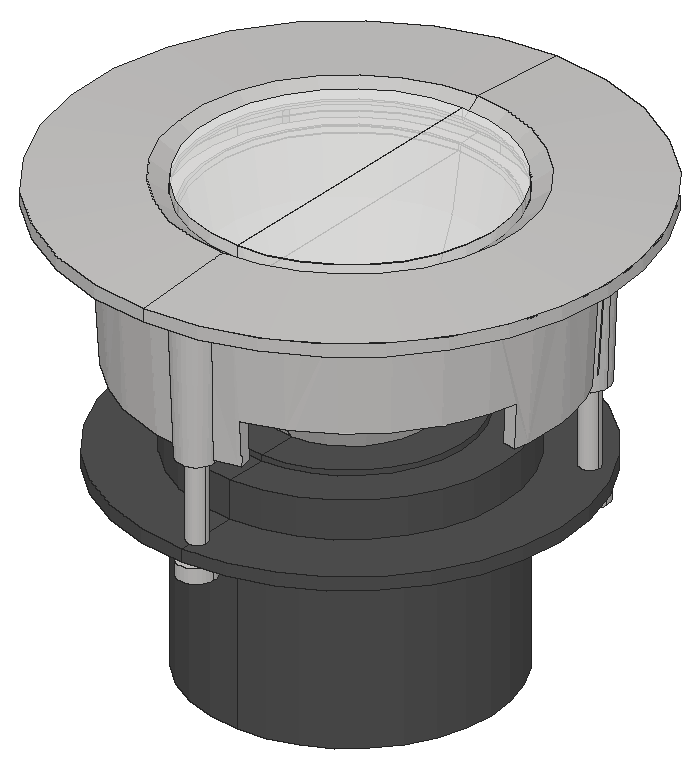
Revit family "Lighting-Luminii-Latona_1-Wet", category Lighting Fixtures, host Face, Revit 2024
Family settings
  Host = Face
  Round Connector Dimension = Use Diameter
  Part Type = Normal
  OmniClass Number = 23.80.70.11.14.11
  OmniClass Title = Downlights
  Cut with Voids When Loaded = No
  Light Source = Yes
  Maintain Annotation Orientation = No
  Shared = Yes
  Room Calculation Point = No
Parameters (values of type "Latona 1")
  Width = 3 51/128"  # constant formula
  Wattage Comments = "6.5W"
  Wattage = 6.49954 W
  Warranty URL = "https://www.luminii.com/terms-conditions/"
  built-in parameter 1150110 = 1 (stored number, unit not read)
  Voltage Comments = "120V | 277V | 347V"  # constant formula
  Voltage = 120 V
  Version = "2020 - v1.0a"  # constant formula
  URL = "https://www.luminii.com/"
  built-in parameter 1114217 = 1 (stored number, unit not read)
  Tilt Angle = -90.00°  # constant formula
  built-in parameter 1150109 = 1 (stored number, unit not read)
  built-in parameter 1150134 = (empty or 0)
  built-in parameter 1150113 = 1 (stored number, unit not read)
  Support Phone = "224-699-9545"  # constant formula
  Support Email = "mailto:support@bimsmith.com"
  Product Page URL = "Consult Manufacturer Website for more Information"
  Power Source Type = "Driver"  # constant formula
  Power Factor = 1
  Photometric Web File = "515-A90-660-35-07-00.ies"
  Phase = 1
  Operating Temperature = "Consult Manufacturer Website for more Information"  # constant formula
  Number of Poles = if(and(or(Voltage = 120 V, Voltage = 277 V), Phase = 1), 1, if(and(or(Voltage = 208 V, Voltage = 240 V), Phase = 1), 2, if(and(or(Voltage = 208 V, Voltage = 240 V), Phase = 3), 3, if(and(Voltage > 300 V, Phase = 1), 2, if(and(Voltage > 400 V, Phase = 3), 3, 1)))))  # 1
  Mounting Method = "Recessed Mount"  # constant formula
  Model = "510"  # constant formula
  Manufacturer Phone Number = "403-216-7043"  # constant formula
  Manufacturer Email = "mailto: info@sensolighting.com"
  Manufacturer Address = "302 50 Ave SE. Calgary, Alberta, T2G 2A9 Canada"  # constant formula
  Manufacturer = "Luminii"  # constant formula
  built-in parameter 1150105 = 55.704 (stored number, unit not read)
  Lumens = 700 lm
  Luminaire Type = "Recessed LED Downlight"  # constant formula
  built-in parameter 1150115 = 1 (stored number, unit not read)
  Load Classification = Lighting
  built-in parameter 1150137 = (empty or 0)
  built-in parameter 1150139 = (empty or 0)
  Lens Material = Plastic - Luminii - Frosted Lens
  built-in parameter 1150112 = 1 (stored number, unit not read)
  built-in parameter 1150114 = 1 (stored number, unit not read)
  Lamp Life = 1
  Lamp = "LED"  # constant formula
  Keynote = "26 51 00"
  built-in parameter 1150132 = 2
  built-in parameter 1150102 = (empty or 0)
  built-in parameter 1150107 = 3500 (stored number, unit not read)
  Initial Color Comments = "Perfomance based on 3500K Photometric Web File"  # constant formula
  built-in parameter 1150138 = (empty or 0)
  built-in parameter 1150106 = 0.55704 (stored number, unit not read)
  Housing Protection Rating = "Consult Manufacturer Website for more Information"  # constant formula
  Height = 2 25/32"  # constant formula
  Has Dimming = 1 = 1  # yes
  Has Battery Backup = 0 = 1  # no
  Frequency Comments = ""  # constant formula
  Frequency = 60 Hz
  Finish = Metal - Luminii - Silver Anodized Aluminum
  Environment = "Indoor"  # constant formula
  built-in parameter 1150104 = 10.006 (stored number, unit not read)
  Dimming Type = "Consult Manufacturer Website for more Information"  # constant formula
  Dimming Lamp Color Temperature Shift = <None>
  Description = "Recessed LED Downlight"  # constant formula
  Depth = 3 51/128"  # constant formula
  Default Elevation = 0"  # constant formula
  Current Amps = 50 A
  Copyright = "©2024 Luminii"  # constant formula
  Control Zone = "Consult Manufacturer Website for more Information"  # constant formula
  Control Type = "Consult Manufacturer Website for more Information"  # constant formula
  Constraints = 1  # constant formula
  Color Filter = 16777215
  built-in parameter 1114216 [instance] = 0  # (empty or 0)
  Reflector Finish = Metal - Luminii - Silver Anodized Aluminum
  built-in parameter 1140040 [instance] = 1 = 1  # 1
  CCT = "3500K"
  C Light Source Offset = 6.4"  # constant formula
  built-in parameter 1114218 = 1 (stored number, unit not read)
  built-in parameter 1150133 = 10 (stored number, unit not read)
  Assembly Code = "D5040.50"
  Apparent Load = Wattage / Power Factor  # 6.49954 VA
Reference planes (in)
  plane 1 "Center (Front/Back)": y = 0
  plane 2: z = 0
  plane 3 "Center (Left/Right)": x = 0
  plane 4: x = 0
  plane 5: x = 0
  plane 6: y = 1.69922
  plane 7: y = -1.69922
  plane 8: x = -1.69922
  plane 9: x = 1.69922
  plane 10: z = -2.72739
  plane 11: z = 0.13183
Forms (in)
  Extrusion 1, solid, material "Metal - Luminii - Silver Anodized Aluminum", not visible
    sketch origin (0, 0, 0) x (1, 0, 0) y (0, 1, 0)
      loop
        circle (0, 0) r 0.09012
    from -2.72739 to -2.67031
  Extrusion 2, void
    sketch origin (0, 1.24288, 2.36) x (0, 1, 0) y (-1, 0, 0)
      loop
        circle (-1.24288, 0) r 1.381
    from -5.08739 to -2.22817
Dimensions and locks (in)
  equal spacing: plane 4, plane 3 "Center (Left/Right)", plane 5
  equal spacing: plane 6, plane 1 "Center (Front/Back)", plane 7
  plane 4 to plane 5 = 0"
  "Width": plane 6 to plane 7
  equal spacing: plane 8, plane 3 "Center (Left/Right)", plane 9
  "Width": plane 8 to plane 9
  locked: plane 11 to host face at 0.13183
  locked: Extrusion 1 to plane 10 at 0.05708
  diameter of Extrusion 2 sketch curve = 2.762"
  aligned and locked: plane 2 to host face
  aligned and locked: plane 3 "Center (Left/Right)" to Extrusion 1 sketch curve
  aligned and locked: plane 1 "Center (Front/Back)" to Extrusion 1 sketch curve
  aligned and locked: imposter light to plane 3 "Center (Left/Right)"
  aligned and locked: imposter light to plane 1 "Center (Front/Back)"
  aligned and locked: plane 3 "Center (Left/Right)" to nested 1
  aligned and locked: plane 1 "Center (Front/Back)" to nested 1
  aligned and locked: imposter light to plane 11
  aligned and locked: plane 10 to Extrusion 1
  aligned and locked: plane 1 "Center (Front/Back)" to Extrusion 2 sketch curve
  aligned and locked: plane 5 to Extrusion 2 sketch curve
  aligned and locked: Extrusion 2 to plane 10
  aligned and locked: plane 11 to Extrusion 2
Automatic sketch dimensions
  host sketch curve to host sketch curve = 96"  (x2)
  radius of Extrusion 1 sketch curve = 0.09012"
Nested families (in)
  nested 1: "Nested - Lamp" at (0, 0, 0), type "Nested - Lamp"
Connectors (in)
  electrical at (0, 0, -2.72739), driven by "Number of Poles", driven by "Load Classification", driven by "Voltage", driven by "Apparent Load", driven by "Power Factor"
    settings: on Extrusion 1, index 1, voltage 120 V, apparent load 6.49954 VA, apparent load phase1 0 VA, apparent load phase2 0 VA, apparent load phase3 0 VA, power factor 1, load classification "Lighting", number of poles 1, system type 30, power factor state 1, is connector primary yes, connector utility no, sub classification motor no, connector description "Power Connection"
Definition of nested family "Nested - Lamp"
  Parameters (values of type "Nested - Lamp")
    Reflector = none
    Lens = none
    Finish = none
    Default Elevation = 0"
    Constraint = 1
  Reference planes (in)
    plane 1 "Center (Front/Back)": y = 0
    plane 2: z = 0
    plane 3 "Center (Left/Right)": x = 0
    plane 4: y = -3.80735
    plane 5: y = 2.63601
    plane 6: y = 1.02892
    plane 7: y = -1.58564
    plane 8 "F": y = -1.2576
    plane 9 "B": y = 0.61063
  Forms (in)
    Extrusion 1, solid
      sketch origin (0, 0, 0) x (1, 0, 0) y (0, 1, 0)
        loop
          line (-48, 48) -> (-48, -48) -> (48, -48) -> (48, 48) -> (-48, 48)
      from 0 to -12
    Revolve 2, solid
      sketch origin (0, 0, -0.42144) x (0, 1, 0) y (0, 0, 1)
        loop
          line (0, -0.78295) -> (0, -2.30595) -> (0.92561, -2.30595) -> (0.92561, -1.12485) -> (1.381, -1.12485) -> (1.381, -1.04414) -> (0.9873, -1.04414) -> (0.9873, -0.8142) -> (0.72835, -0.8142) -> (0.72835, -0.78295) -> (0, -0.78295)
        axis (0, -0.78295) -> (0, -2.30595)
      angle from 0 to 360
    Revolve 3, solid, material <- "Lens"
      sketch origin (0, 0, -0.42144) x (0, 1, 0) y (0, 0, 1)
        loop
          line (0.9252, 0.53066) -> (0, 0.53066) -> (0, 0.29444) -> (0.88613, 0.29444) -> (0.88613, 0.33381) -> (1.04316, 0.33381) -> (1.04316, 0.45507) -> (0.9252, 0.45507) -> (0.9252, 0.53066)
        axis (0, 0.53066) -> (0, 0.29444)
      angle from 0 to 360
    Revolve 4, solid, material <- "Finish"
      sketch origin (0, 0, -0.42144) x (0, 1, 0) y (0, 0, 1)
        loop
          line (1.69296, 0.42144) -> (1.69296, 0.49999)
          arc (1.69296, 0.49999) -> (1.36917, 0.52579) -> (1.045, 0.5461) r 19.19299
          line (1.045, 0.5461) -> (0.9327, 0.46747) -> (0.9327, 0.43622) -> (1.232, 0.43622) -> (1.19849, -0.52344) -> (1.28344, -0.52344) -> (1.33984, 0.42144) -> (1.69296, 0.42144)
        axis (0, 0.5461) -> (0, -0.52344)
      angle from 0 to 360
    Revolve 5, solid, material <- "Reflector"
      sketch origin (0, 0, -0.42144) x (0, 1, 0) y (0, 0, 1)
        loop
          line (0.97638, 0.33381) -> (0.90508, 0.33381)
          arc (0.90508, 0.33381) -> (0.76828, -0.24024) -> (0.47389, -0.7517) r 2.05389
          line (0.47389, -0.7517) -> (0, -0.7517) -> (0, -0.78295) -> (0.47713, -0.78295)
          arc (0.47713, -0.78295) -> (0.77444, -0.2717) -> (0.91685, 0.30232) r 2.09286
          line (0.91685, 0.30232) -> (0.97638, 0.30232) -> (0.97638, 0.33381)
        axis (0, 0.33381) -> (0, -0.78295)
      angle from 0 to 360
    Extrusion 6, void
      sketch origin (-1.08041, -4.51384, 0) x (1, 0, 0) y (0, 1, 0)
        loop
          arc (1.52482, 5.87366) -> (0.69608, 5.89175) -> (-0.00497, 5.44941) r 1.43815
          line (-0.00497, 5.44941) -> (0.25128, 5.22665)
          arc (0.25128, 5.22665) -> (0.78682, 5.56455) -> (1.4199, 5.55074) r 1.0986
          line (1.4199, 5.55074) -> (1.52482, 5.87366)
        loop
          line (2.49671, 4.25617) -> (2.16233, 4.31513)
          arc (2.16233, 4.31513) -> (1.87731, 3.74967) -> (1.32754, 3.43545) r 1.0986
          line (1.32754, 3.43545) -> (1.40392, 3.10461)
          arc (1.40392, 3.10461) -> (2.12361, 3.51595) -> (2.49671, 4.25617) r 1.43815
      from -1.00808 to -0.66929
    Revolve 7, solid, material <- "Finish", detail levels medium+fine
      sketch origin (0, -1.2576, 0) x (-1, 0, 0) y (0, 0, 1)
        loop
          line (0.15393, 0) -> (0, 0) -> (0, -1.70399)
          arc (0, -1.70399) -> (0.0598, -1.69372) -> (0.11402, -1.66649) r 0.20607
          line (0.11402, -1.66649) -> (0.11402, -1.57853) -> (0.06176, -1.57853) -> (0.06176, -0.97712) -> (0.11981, -0.97712) -> (0.15393, 0)
        axis (0, -1.70399) -> (0, 0)
      angle from 0 to 360
    Revolve 8, solid, material <- "Finish", detail levels medium+fine
      sketch origin (0, 0.61063, 0) x (-1, 0, 0) y (0, 0, 1)
        loop
          line (1.23338, 0) -> (1.07944, 0) -> (1.07944, -1.70399)
          arc (1.07944, -1.70399) -> (1.13924, -1.69372) -> (1.19346, -1.66649) r 0.20607
          line (1.19346, -1.66649) -> (1.19346, -1.57853) -> (1.1412, -1.57853) -> (1.1412, -0.97712) -> (1.19925, -0.97712) -> (1.23338, 0)
        axis (1.07944, -1.70399) -> (1.07944, 0)
      angle from 0 to 360
    Revolve 9, solid, material <- "Finish", detail levels medium+fine
      sketch origin (0, 0.61063, 0) x (1, 0, 0) y (0, 0, 1)
        loop
          line (1.23338, 0) -> (1.07944, 0) -> (1.07944, -1.70399)
          arc (1.07944, -1.70399) -> (1.13924, -1.69372) -> (1.19346, -1.66649) r 0.20607
          line (1.19346, -1.66649) -> (1.19346, -1.57853) -> (1.1412, -1.57853) -> (1.1412, -0.97712) -> (1.19925, -0.97712) -> (1.23338, 0)
        axis (1.07944, -1.70399) -> (1.07944, 0)
      angle from 0 to 360
  Cuts and joins
    Extrusion 6 cuts Revolve 4
  Dimensions and locks (in)
    locked: plane 6 to plane 9 "B" at 0.41829
    locked: plane 8 "F" to plane 7 at 0.32803
    aligned and locked: plane 2 to Extrusion 1
    aligned and locked: level to Extrusion 1
